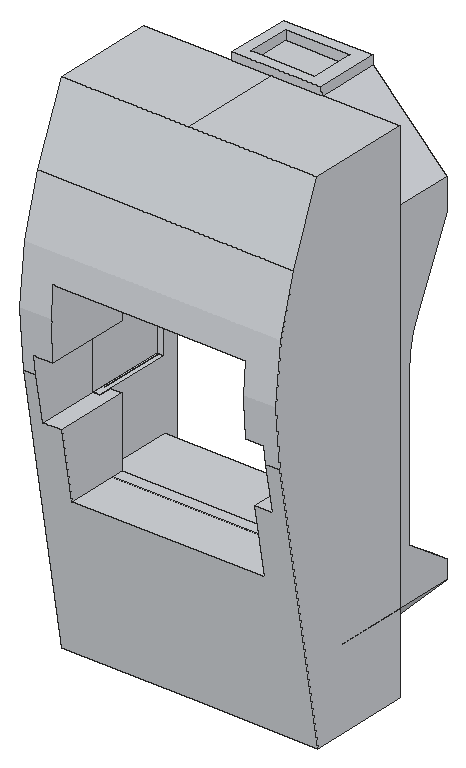
Revit family
Parameters
  Material ID = "760157693"
  Description = "INTERNATIONAL GRAY ADAPTER "
Reference planes (in)
  plane 1 "Center (Front/Back)": y = 0
  plane 2: z = 0
  plane 3 "Center (Left/Right)": x = 0
Forms (in)
  Extrusion 1, solid, not visible
    sketch origin (0, -14.305, 0) x (1, 0, 0) y (0, 0, 1)
      loop
        line (-8.5516, 0.86) -> (-8.5516, 0.46) -> (-7.9516, 0.46) -> (-7.9516, 0.86) -> (-8.5516, 0.86)
    from 0 to 0.77696
  Extrusion 2, solid
    sketch origin (0, 0, 0) x (1, 0, 0) y (0, 0, 1)
      loop
        line (0, 0.865) -> (-0.4315, 0.865) -> (-0.4315, 0) -> (-0.4315, -0.865) -> (0, -0.865) -> (0.4315, -0.865) -> (0.4315, 0.865) -> (0, 0.865)
    from 0 to 0.56
  Extrusion 3, void
    sketch origin (0, 0, 0) x (1, 0, 0) y (0, 0, 1)
      loop
        line (0.386, -0.8125) -> (0.386, 0.8125) -> (-0.38281, 0.8125) -> (-0.38281, -0.8125) -> (0.386, -0.8125)
    from -0.47848 to 0.22719
  Extrusion 4, solid
    sketch origin (0, 0, 0) x (1, 0, 0) y (0, 0, 1)
      loop
        line (0.16755, 0.8595) -> (-0.13386, 0.8595) -> (-0.416, 0.61424) -> (-0.416, -0.57634) -> (-0.16985, -0.8595) -> (0.166, -0.8595) -> (0.416, -0.6095) -> (0.416, 0.61105) -> (0.16755, 0.8595)
      loop
        line (0.366, 0.59034) -> (0.14384, 0.8125) -> (-0.11171, 0.8125) -> (-0.366, 0.59145) -> (-0.366, -0.55765) -> (-0.14446, -0.8125) -> (0.14229, -0.8125) -> (0.366, -0.58879) -> (0.366, 0.59034)
    from -0.21711 to 0.267
  Extrusion 5, void
    sketch origin (0, 0, 0) x (1, 0, 0) y (0, 0, 1)
      loop
        line (0, 0.3445) -> (-0.3255, 0.3445) -> (-0.3255, -0.3445) -> (0.3255, -0.3445) -> (0.3255, 0.3445) -> (0, 0.3445)
    from 0 to 12
  Extrusion 6, void
    sketch origin (0, 0, 0) x (1, 0, 0) y (0, 0, 1)
      loop
        line (-0.3255, 0.1095) -> (-0.3895, 0.1095) -> (-0.3895, -0.1095) -> (-0.3255, -0.1095) -> (-0.3255, 0.1095)
      loop
        line (0.3255, 0.1095) -> (0.3255, -0.1095) -> (0.3895, -0.1095) -> (0.3895, 0.1095) -> (0.3255, 0.1095)
    from 0 to 12
  Extrusion 7, solid
    sketch origin (0, 0, 0) x (1, 0, 0) y (0, 0, 1)
      loop
        line (-0.366, 0.37799) -> (-0.366, 0.3445) -> (0.366, 0.3445) -> (0.366, 0.37799) -> (-0.366, 0.37799)
      loop
        line (-0.366, -0.37799) -> (0.366, -0.37799) -> (0.366, -0.3445) -> (-0.366, -0.3445) -> (-0.366, -0.37799)
    from 0 to 0.267
  Extrusion 8, solid
    sketch origin (0, 0, 0) x (1, 0, 0) y (0, 1, 0)
      loop
        line (0.166, 0.21711) -> (-0.13386, 0.21711) -> (-0.13386, 0) -> (0.166, 0) -> (0.166, 0.21711)
    from 0.8595 to 0.89085
  Extrusion 9, solid
    sketch origin (0, 0, 0) x (1, 0, 0) y (0, 1, 0)
      loop
        line (0.14229, 0.21711) -> (-0.16985, 0.21711) -> (-0.16985, 0) -> (0.14229, 0) -> (0.14229, 0.21711)
    from -0.88635 to -0.8595
  Extrusion 10, void
    sketch origin (0, 0, 0) x (1, 0, 0) y (0, 1, 0)
      loop
        line (0.11888, 0.17993) -> (-0.09816, 0.17993) -> (-0.09816, 0.03315) -> (0.11888, 0.03315) -> (0.11888, 0.17993)
    from 0.8595 to 1.27359
  Extrusion 11, void
    sketch origin (0, 0, 0) x (1, 0, 0) y (0, 1, 0)
      loop
        line (0.11888, 0.17993) -> (-0.09816, 0.17993) -> (-0.09816, 0.03315) -> (0.11888, 0.03315) -> (0.11888, 0.17993)
    from -6.71683 to -0.8595
  Extrusion 12, void
    sketch origin (0, 0, 0) x (0, 1, 0) y (0, 0, 1)
      loop
        line (-0.34129, 0.885) -> (-0.7345, 0.885) -> (-0.7345, -0.865) -> (-0.34673, -0.865) -> (-0.50758, 0.04721)
        arc (-0.50758, 0.04721) -> (-0.51777, 0.34005) -> (-0.44677, 0.62433) r 1.0517
        line (-0.44677, 0.62433) -> (-0.34129, 0.885)
    from -0.80681 to 12
  Extrusion 13, void
    sketch origin (0, 0, 0) x (0, 1, 0) y (0, 0, 1)
      loop
        line (0.21864, 0.50875) -> (0.09828, 0.26199)
        arc (0.09828, 0.26199) -> (0.06757, 0.17527) -> (0.05716, 0.08387) r 0.40632
        line (0.05716, 0.08387) -> (0.05716, -0.43339) -> (0.40475, -0.67678) -> (0.40475, 0.50875) -> (0.21864, 0.50875)
    from -1.04006 to 12
Cuts and joins
  Extrusion 3, Extrusion 5, Extrusion 6, Extrusion 12 cuts Extrusion 2
  Extrusion 5, Extrusion 6, Extrusion 10, Extrusion 11, Extrusion 13 cuts Extrusion 4
  Extrusion 10, Extrusion 11, Extrusion 13 cuts Extrusion 8
  Extrusion 11, Extrusion 13 cuts Extrusion 9
  joined: Extrusion 4, Extrusion 8, Extrusion 9
